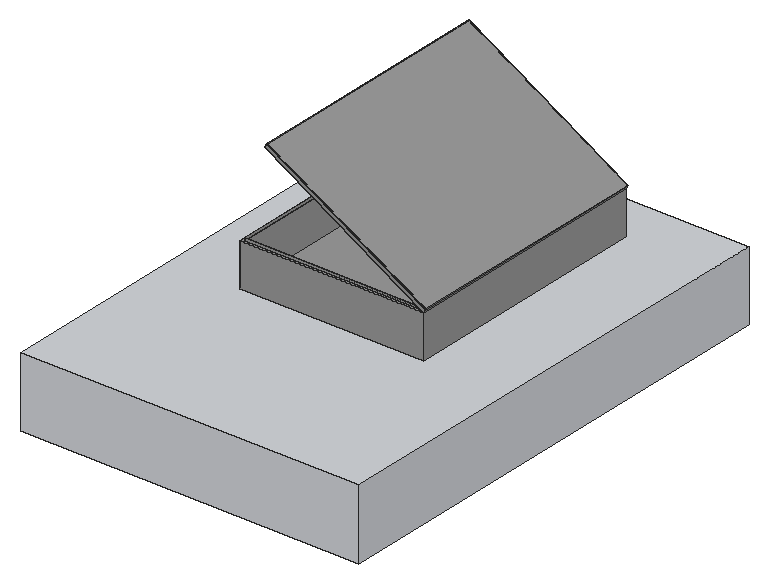
Revit family "Hager-Univers-IP44-D205-H1100-Cl.II-Encl-ES-es", category Equipement électrique, Revit 2020
Family settings
  Hôte = Face
  Configuration du panneau = Deux colonnes, circuits au sein
  Cote de connecteur circulaire = Utiliser le diamètre
  Type d'élément = Tableau de raccordement
  Couper avec des vides une fois chargée = Non
  Partagée = Non
  Point de calcul de pièce = Non
Parameters (values of type "Montado superficial (escayola) IP44 A800 A1100 P205  - FP73SN2")
  Width Control [instance] = if([EF000008 - Anchura] > Min Width, [EF000008 - Anchura], Min Width)  # 800 mm
  Commentaires du type = [HG000003 - Gama]  # "Univers"
  Thickness Door [instance] = if([EF009171 - Espesor puerta/tapa] > 3 mm, 3 mm, [EF009171 - Espesor puerta/tapa])  # 1 mm
  Seal Frame Offset [instance] = 17 mm  # constant formula
  Plinth Visibility [instance] = [HG000027 - Altura de zócalo] > 0 mm  # no
  Model = ""
  Min Width [instance] = 100 mm  # constant formula
  Min Height [instance] = 100 mm  # constant formula
  Min Depth [instance] = (2 * [EF009170 - Espesor del material de la caja]) + 1 mm  # 3 mm
  Internal Frame Depth [instance] = (Door System Depth * 0.5)  # 9 mm
  Height Control [instance] = if([EF000040 - Altura] > Min Height, [EF000040 - Altura], Min Height)  # 1100 mm
  HG000027 - Altura de zócalo = 0 mm
  HG000026 - Instalación en suelo = no
  HG000024 - Altura de la sección inferior = 800 mm
  HG000023 - Caja de doble sección = no
  HG000016 - Visibilidad de la puerta 3D [instance] = yes
  HG000015 - Visibilidad a través de la puerta [instance] = no
  HG000014 - Puerta a la derecha [instance] = yes
  HG000013 - Puerta a la izquierda [instance] = not([HG000014 - Puerta a la derecha])  # no
  HG000012 - Ángulo de giro de la puerta [instance] = 30.00°
  HG000010 - Puertas asimétricas = no
  HG000009 - Puerta batiente doble = no
  HG000006 - Empotrado = no
  HG000004 - Referencia del fabricante = "FP73SN2"
  HG000003 - Gama = "Univers"
  HG000002 - Con puerta o tapa = yes
  Frame Offset Bottom [instance] = 10 mm  # constant formula
  Frame Offset [instance] = 15 mm  # constant formula
  EF015940 - Tapa con alivio de sobrepresión = no
  EF011959 - Grado de protección (NEMA) = ""
  EF009554 - Número de aberturas para placas-brida = 6
  Fabricant = "Hager"  # constant formula
  EF009212 - Versión de la cubierta = "EV000116 - Cerrado"
  EF009171 - Espesor puerta/tapa = 1 mm
  EF009170 - Espesor del material de la caja = 1 mm
  EF008873 - Corriente nominal (In) = 250 A
  EF007800 - Adecuado para la protección contra rayos = no
  EF006306 - Con cierre = no
  EF006244 - Tapa/puerta transparente = no
  EF005474 - Grado de protección (IP) = "EV006418 - IP44"
  EF004464 - Tipo de puerta = "EV002646 - Único"
  EF004427 - Número de módulos = 252
  EF004293 - Resistencia al impacto (IK) = "EV006815 - IK09"
  EF003532 - Adecuado para uso en exteriores = no
  EF002950 - Anchura de unidades de división = 36
  EF001613 - Integridad del circuito = "EV000494 - Ninguno"
  EF001596 - Material de la carcasa = "EV000179 - Acero"
  EF001131 - Profundidad interna = 143 mm
  EF001088 - Posibilidad de extensión = yes
  EF000437 - Número de entradas de conductos de cables = 6
  EF000339 - Tipo de cubierta = "EV001012 - Cubrir"
  EF000266 - Número de filas = 7
  EF000218 - Profundidad de instalación = 205 mm
  EF000118 - Con placa de montaje = no
  EF000116 - Número RAL = "9010"
  EF000049 - Profundidad = 205 mm
  EF000040 - Altura = 1100 mm
  EF000008 - Anchura = 800 mm
  EF000007 - Color = "EV000202 - Blanco"
  EF000003 - Tipo de montaje = "EV000384 - Montado superficial (escayola)"
  Door System Leaf Tolerance [instance] = 1.5 mm  # constant formula
  Door System Depth [instance] = 18 mm  # constant formula
  Door Height [instance] = Height Control - [HG000027 - Altura de zócalo]  # 1100 mm
  Depth Control [instance] = if([EF000049 - Profundidad] > Min Depth, [EF000049 - Profundidad], Min Depth)  # 205 mm
  Default Elevation = 0 mm
  Connector Offset [instance] = Height Control / 2  # 550 mm
  Bottom Top Plate Trim [instance] = 1.5 mm  # constant formula
  Plinth height Ctrl [instance] = if([HG000027 - Altura de zócalo] > 0 mm, [HG000027 - Altura de zócalo], 12 mm)  # 12 mm
Types (5, lengths in mm): name | Width Control | HG000010 - Puertas asimétricas | HG000009 - Puerta batiente doble | HG000004 - Referencia del fabricante | EF009554 - Número de aberturas para placas-brida | EF004464 - Tipo de puerta | EF004427 - Número de módulos | EF002950 - Anchura de unidades de división | EF000437 - Número de entradas de conductos de cables | EF000008 - Anchura
  Montado superficial (escayola) IP44 A1050 A1100 P205  - FP74SN2 | 1050 | no | yes | "FP74SN2" | 8 | "EV003602 - Doble" | 336 | 48 | 8 | 1050
  Montado superficial (escayola) IP44 A1300 A1100 P205  - FP75SN2 | 1300 | yes | yes | "FP75SN2" | 10 | "EV003602 - Doble" | 420 | 60 | 10 | 1300
  Montado superficial (escayola) IP44 A300 A1100 P205  - FP71SN2 | 300 | no | no | "FP71SN2" | 2 | "EV002646 - Único" | 84 | 12 | 2 | 300
  Montado superficial (escayola) IP44 A550 A1100 P205  - FP72SN2 | 550 | no | no | "FP72SN2" | 4 | "EV002646 - Único" | 168 | 24 | 4 | 550
  Montado superficial (escayola) IP44 A800 A1100 P205  - FP73SN2 | 800 | no | no | "FP73SN2" | 6 | "EV002646 - Único" | 252 | 36 | 6 | 800
Reference planes
  plane 1 "Center (Front/Back)": y = 0
  plane 2: z = 0
  plane 3 "Center (Left/Right)": x = 0
  plane 4: z = 205
  plane 5: y = 1
  plane 6: y = 550
  plane 7: y = 0
  plane 8: y = 1100
  plane 9: z = 0
  plane 10: x = -385
  plane 11: x = 385
  plane 12: x = 384
  plane 13: x = -384
  plane 14: y = 1099
  plane 15: x = -383
  plane 16: x = -400
  plane 17: x = 383
  plane 18: x = 400
  plane 19: x = 399
  plane 20: x = -399
  plane 21: y = 11
  plane 22: y = 1100
  plane 23: y = 1084
  plane 24: z = 187
  plane 25: z = 1
  plane 26: z = 186
  plane 27: z = 204
Forms (mm)
  Extrusion 1, solid
    sketch origin (0, 0, 0) x (1, 0, 0) y (0, 1, 0)
      loop
        line (-702.964, 1305) -> (-702.964, -811.445) -> (766.763, -811.445) -> (766.763, 1305) -> (-702.964, 1305)
    from 0 to -304.8
  Extrusion 2, solid, material "Hager_Steel_RAL7035_Light_Grey", visible <- "Plinth Visibility", detail levels medium+fine
    sketch origin (0, 0, 0) x (1, 0, 0) y (0, 1, 0)
      loop
        line (-400, 0) -> (400, 0) -> (400, 12) -> (-400, 12) -> (-400, 0)
    from 0 to 187
  Extrusion 3, solid, material "Hager_Steel_RAL7035_Light_Grey", detail levels medium+fine
    sketch origin (0, 0, 0) x (1, 0, 0) y (0, 1, 0)
      loop
        line (-400, 0) -> (400, 0) -> (400, 1100) -> (-400, 1100) -> (-400, 0)
    from 0 to 187
  Extrusion 4, void
    sketch origin (0, 0, 0) x (1, 0, 0) y (0, 1, 0)
      loop
        line (-399, 1) -> (399, 1) -> (399, 1099) -> (-399, 1099) -> (-399, 1)
    from 1 to 186
  Extrusion 5, void
    sketch origin (-381.607, -4572, 187) x (0, -1, 0) y (-1, 0, 0)
      loop
        line (-4583, 2.393) -> (-5656, 2.393) -> (-5656, -765.607) -> (-4583, -765.607) -> (-4583, 2.393)
    from 0 to 1 <- "EF009170 - Espesor del material de la caja"
  Extrusion 6, solid, material "Hager_Steel_RAL7035_Light_Grey", detail levels fine
    sketch origin (0, 0, 187) x (1, 0, 0) y (0, 1, 0)
      loop
        line (-384, 1084) -> (-384, 11) -> (384, 11) -> (384, 1084) -> (-384, 1084)
      loop
        line (-385, 10) -> (385, 10) -> (385, 1085) -> (-385, 1085) -> (-385, 10)
    from 0 to 9 <- "Internal Frame Depth"
  Extrusion 7, solid, material "Hager_Steel_RAL7035_Light_Grey", detail levels coarse
    sketch origin (0, 0, 0) x (1, 0, 0) y (0, 1, 0)
      loop
        line (-400, 0) -> (400, 0) -> (400, 1100) -> (-400, 1100) -> (-400, 0)
    from 0 to 205
  Sweep 8, void
    path in 3D
      loop
        line (-400, 12, 0) -> (400, 12, 0) -> (400, 12, 187) -> (-400, 12, 187) -> (-400, 12, 0)
    profile origin (-400, 12, 93.5) x (-1, 0, 0) y (0, -1, 0)
      loop
        line (0, 0) -> (0, 1.5) -> (-1.5, 1.5)
        arc (-1.5, 1.5) -> (-1.061, 0.439) -> (0, 0) r 1.5
Cuts and joins
  Extrusion 4, Extrusion 5 cuts Extrusion 3
  Sweep 8 cuts Extrusion 2
Lines and regions (mm)
  Masking region 1
    outline origin (0, 0, 0) x (1, 0, 0) y (0, 0, 1)
      loop
        line (-400, 205) -> (-400, 0) -> (400, 0) -> (400, 205) -> (-400, 205)
  Masking region 2, detail levels medium+fine
    outline origin (0, 140, 0) x (0, 1, 0) y (0, 0, 1)
      loop
        line (-140, 0) -> (960, 0) -> (960, 187) -> (-140, 187) -> (-140, 0)
  Masking region 3, not visible, detail levels medium+fine
    outline origin (0, 297.922, 0) x (0, 1, 0) y (0, 0, 1)
      loop
        line (263.578, 0) -> (303.578, 0) -> (303.578, 194)
        arc (303.578, 194) -> (300.649, 201.071) -> (293.578, 204) r 10
        line (293.578, 204) -> (263.578, 204) -> (263.578, 0)
  Masking region 4, detail levels coarse
    outline origin (0, 0, 180) x (0, 1, 0) y (0, 0, 1)
      loop
        line (0, -180) -> (1100, -180) -> (1100, 25) -> (0, 25) -> (0, -180)
  Masking region 5, visible <- "Plinth Visibility", detail levels medium+fine
    outline origin (0, 52.24, 12.345) x (0, 0, -1) y (0, 1, 0)
      loop
        line (10.845, -40.24) -> (-173.155, -40.24)
        arc (-173.155, -40.24) -> (-173.594, -41.301) -> (-174.655, -41.74) r 1.5
        line (-174.655, -41.74) -> (-174.655, -52.24) -> (12.345, -52.24) -> (12.345, -41.74)
        arc (12.345, -41.74) -> (11.285, -41.301) -> (10.845, -40.24) r 1.5
  Masking region 6, detail levels medium+fine
    outline origin (-381.607, -4572, 187) x (-1, 0, 0) y (0, -1, 0)
      loop
        line (18.393, -5672) -> (18.393, -4572) -> (-781.607, -4572) -> (-781.607, -5672) -> (18.393, -5672)
  Masking region 7, visible <- "Plinth Visibility", detail levels medium+fine
    outline origin (-381.607, -4727, 187) x (-1, 0, 0) y (0, -1, 0)
      loop
        arc (16.893, -4739) -> (17.332, -4737.939) -> (18.393, -4737.5) r 1.5
        line (18.393, -4737.5) -> (18.393, -4727) -> (-781.607, -4727) -> (-781.607, -4737.5)
        arc (-781.607, -4737.5) -> (-780.546, -4737.939) -> (-780.107, -4739) r 1.5
        line (-780.107, -4739) -> (16.893, -4739)
  Masking region 8, detail levels coarse
    outline origin (-442.548, -4669.526, 187) x (-1, 0, 0) y (0, -1, 0)
      loop
        line (-42.548, -5769.526) -> (-42.548, -4669.526) -> (-842.548, -4669.526) -> (-842.548, -5769.526) -> (-42.548, -5769.526)
  sketch lines
    curve 1: line (-400, 12, 187) -> (-400, 12, 0)
    curve 2: line (400, 12, 187) -> (-400, 12, 187)
    curve 3: line (400, 12, 187) -> (400, 12, 0)
    curve 4: line (-400, 12, 0) -> (400, 12, 0)
Dimensions and locks
  "Depth Control": plane 4 to Extrusion 1
  "HG000027 - Altura de zócalo": plane 1 "Center (Front/Back)" to plane 7
  "EF009170 - Espesor del material de la caja": plane 5 to plane 7
  locked: connector elem to plane 3 "Center (Left/Right)"
  equal spacing: plane 8, plane 6, plane 7
  locked: connector elem to plane 6
  "EF009170 - Espesor del material de la caja": plane 8 to plane 14
  "EF009170 - Espesor del material de la caja": plane 10 to plane 13
  "EF009170 - Espesor del material de la caja": plane 12 to plane 11
  "Frame Offset": plane 20 to plane 13
  "Frame Offset": plane 12 to plane 19
  "EF009170 - Espesor del material de la caja": plane 16 to plane 20
  "EF009170 - Espesor del material de la caja": plane 19 to plane 18
  "Seal Frame Offset": plane 16 to plane 15
  "Seal Frame Offset": plane 17 to plane 18
  "Frame Offset Bottom": plane 21 to plane 5
  "Frame Offset": plane 14 to plane 23
  equal spacing: plane 16, plane 3 "Center (Left/Right)", plane 18
  "Width Control": plane 16 to plane 18
  "EF009170 - Espesor del material de la caja": plane 4 to plane 27
  "EF009170 - Espesor del material de la caja": plane 24 to plane 26
  "EF009170 - Espesor del material de la caja": plane 25 to level
  "Door System Depth": plane 4 to plane 24
  "Height Control": plane 1 "Center (Front/Back)" to Extrusion 7 sketch curve
  "Height Control": Masking region 4 sketch curve to plane 1 "Center (Front/Back)"
  "Height Control": plane 1 "Center (Front/Back)" to plane 22
  "Bottom Top Plate Trim": profile plane to Sweep 8 sketch curve
  "Bottom Top Plate Trim": Sweep 8 sketch curve to profile plane
  "Plinth height Ctrl": plane 1 "Center (Front/Back)" to Extrusion 2 sketch curve
  "Plinth height Ctrl": Masking region 5 sketch curve to plane 1 "Center (Front/Back)"
  "Plinth height Ctrl": plane 1 "Center (Front/Back)" to Masking region 7 sketch curve
  "Thickness Door": Extrusion 6 sketch curve to Extrusion 6 sketch curve  (x3)
  "Thickness Door": cut or joined group of Extrusion 3, Extrusion 4, Extrusion 5 to Extrusion 6 sketch curve
  radius of Masking region 3 sketch curve = 10 mm
  "Bottom Top Plate Trim": radius of Masking region 5 sketch curve  (x2)
  "Bottom Top Plate Trim": radius of Sweep 8 sketch curve
  "Bottom Top Plate Trim": radius of Masking region 7 sketch curve  (x2)
  aligned and locked: plane 2 to Extrusion 1
  aligned and locked: level to Extrusion 1
  aligned and locked: level to Masking region 1 sketch curve
  aligned and locked: Masking region 1 sketch curve to plane 18
  aligned and locked: Masking region 1 sketch curve to plane 16
  aligned and locked: plane 7 to Masking region 2 sketch curve
  aligned and locked: level to Masking region 3 sketch curve
  aligned and locked: Masking region 3 sketch curve to plane 27
  aligned and locked: level to Masking region 2 sketch curve
  aligned and locked: plane 1 "Center (Front/Back)" to Extrusion 2 sketch curve
  aligned and locked: Extrusion 3 sketch curve to plane 7
  aligned and locked: plane 16 to Extrusion 3 sketch curve
  aligned and locked: plane 18 to Extrusion 3 sketch curve
  aligned and locked: plane 20 to Extrusion 4 sketch curve
  aligned and locked: plane 19 to Extrusion 4 sketch curve
  aligned and locked: Extrusion 4 sketch curve to plane 5
  aligned and locked: Extrusion 4 to plane 25
  aligned and locked: plane 26 to Extrusion 4
  aligned and locked: plane 24 to Extrusion 3
  aligned and locked: Extrusion 5 sketch curve to plane 21
  aligned and locked: Extrusion 5 sketch curve to plane 13
  aligned and locked: Extrusion 5 sketch curve to plane 12
  aligned and locked: plane 18 to Extrusion 7 sketch curve
  aligned and locked: plane 1 "Center (Front/Back)" to Extrusion 7 sketch curve
  aligned and locked: plane 16 to Extrusion 7 sketch curve
  aligned and locked: plane 4 to Extrusion 7
  aligned and locked: Extrusion 7 to level
  aligned and locked: level to Masking region 4 sketch curve
  aligned and locked: Masking region 4 sketch curve to plane 1 "Center (Front/Back)"
  aligned and locked: Masking region 4 sketch curve to plane 4
  aligned and locked: nested 1 to level
  aligned and locked: nested 1 to plane 16
  aligned and locked: plane 8 to Extrusion 3 sketch curve
  aligned and locked: plane 23 to Extrusion 5 sketch curve
  aligned and locked: plane 14 to Extrusion 4 sketch curve
  aligned and locked: Masking region 2 sketch curve to plane 8
  aligned and locked: level to Masking region 5 sketch curve
  aligned and locked: plane 16 to Extrusion 2 sketch curve
  aligned and locked: plane 18 to Extrusion 2 sketch curve
  aligned and locked: Masking region 5 sketch curve to plane 24
  aligned and locked: Masking region 2 sketch curve to plane 24
  aligned and locked: plane 24 to Extrusion 2
  aligned and locked: profile plane to Sweep 8 sketch curve  (x2)
  aligned and locked: Masking region 6 sketch curve to plane 18
  aligned and locked: Masking region 6 sketch curve to plane 22
  aligned and locked: Masking region 6 sketch curve to plane 16
  aligned and locked: plane 8 to plane 22
  aligned and locked: Masking region 6 sketch curve to plane 7
  aligned and locked: Masking region 7 sketch curve to plane 16
  aligned and locked: Masking region 7 sketch curve to plane 1 "Center (Front/Back)"
  aligned and locked: Masking region 7 sketch curve to plane 18
  aligned and locked: Masking region 8 sketch curve to plane 1 "Center (Front/Back)"
  aligned and locked: Masking region 8 sketch curve to plane 18
  aligned and locked: Masking region 8 sketch curve to plane 22
  aligned and locked: Masking region 8 sketch curve to plane 16
  aligned and locked: nested 2 to plane 7
  aligned and locked: plane 3 "Center (Left/Right)" to nested 2
  aligned and locked: nested 2 to plane 24
  aligned and locked: Extrusion 6 sketch curve to cut or joined group of Extrusion 3, Extrusion 4, Extrusion 5  (x4)
Automatic sketch dimensions
  Extrusion 1 sketch curve to Extrusion 1 sketch curve = 1469.727 mm
  Extrusion 1 sketch curve to Extrusion 1 sketch curve = 2116.445 mm
  Masking region 1 sketch curve to plane 4 = 0 mm
  plane 6 to Masking region 3 sketch curve = 11.5 mm
  Masking region 3 sketch curve to Masking region 3 sketch curve = 30 mm
  Masking region 5 sketch curve to plane 1 "Center (Front/Back)" = 0 mm
Nested families
  nested 1: "Hager_Enclosure_Symbol" at (-400, 0, 0) x (1, 0, 0) z (0, -1, 0), Height <- "Depth Control", Width <- "Width Control", type "Hager_Enclosure_Symbol"
    with Width_Ctrl 800 mm, Width 800 mm, Height_Ctrl 205 mm, Height 205 mm, A_Width_Int 13.453 mm, A_Width 161.438 mm, A_Height_Ctrl 179.375 mm, A_Height 179.375 mm
  nested 2: "EC000058_Univers_Door" at (0, 0, 187) x (1, 0, 0) z (0, 1, 0), Leaf_Tolerance <- "Door System Leaf Tolerance", Angle <- "HG000012 - Ángulo de giro de la puerta", Door_Depth <- "Door System Depth", Door_Left <- "HG000013 - Puerta a la izquierda", Transparent <- "EF006244 - Tapa/puerta transparente", Assymetrical <- "HG000010 - Puertas asimétricas", Width <- "Width Control", Clearance <- "HG000015 - Visibilidad a través de la puerta", Double <- "HG000009 - Puerta batiente doble", 3d_Door <- "HG000016 - Visibilidad de la puerta 3D", Lock_Visibility <- "EF006306 - Con cierre", Width_Ctrl <- "Width Control", Door_Right <- "HG000014 - Puerta a la derecha", Door <- "HG000002 - Con puerta o tapa", Height <- "Door Height", Thickness <- "Thickness Door", type "EC000058_Univers_Door", detail levels medium+fine
    with min_wh 3 mm, Width_Ctrl 800 mm, Width 800 mm, Transparent no, Thickness 1 mm, Seal_Material Hager_Rubber, Lock_Visibility no, Lock_Material Hager_Plastic_RAL9005_Jet_Black, Leaf_Width 800 mm, Leaf_Tolerance_External_Sides 0 mm, Leaf_Tolerance 1.5 mm, Leaf_Offset 0 mm, Leaf_Height 1097 mm, Leaf_2_Width 800 mm, Leaf_2_Offset 400 mm, Leaf_1_Width 800 mm, Leaf_1_Offset 400 mm, Height_Ctrl 1100 mm, Height 1100 mm, Glass_Material Hager_Glass, Double_Clearance_Ctrl no, Double no, Door_Right_Ctrl yes, Door_Right yes, Door_Material Hager_Steel_RAL7035_Light_Grey, Door_Left_Ctrl no, Door_Left no, Door_Depth 18 mm, Door yes, Clearance_Material Hager_Clearance, Clearance_Depth 800 mm, Clearance_Ctrl no, Clearance no, Assymetrical no, Angle 30.00°, 3d_Door yes
Connectors
  electrical at (0, 550, 0)
    settings: on plane 9, index 1, voltage 0 V, apparent load 0 VA, apparent load phase1 0 VA, apparent load phase2 0 VA, apparent load phase3 0 VA, power factor 1, load classification "Other", number of poles 1, system type 30, power factor state 1, is connector primary yes, connector utility no, sub classification motor no, connector description ""
Definition of nested family "EC000058_Univers_Door"
  Parameters (values of type "EC000058_Univers_Door")
    min_wh [instance] = (2 * Thickness) + 1 mm  # 11 mm
    Width_Ctrl [instance] = 400 mm
    Width [instance] = 500 mm
    Transparent [instance] = yes
    Thickness [instance] = 5 mm
    Seal_Material [instance] = none
    Lock_Visibility [instance] = yes
    Lock_Material [instance] = none
    Leaf_Width [instance] = if((Width_Ctrl - 2 * Leaf_Tolerance_External_Sides) > 0 mm, (Width_Ctrl - 2 * Leaf_Tolerance_External_Sides), min_wh)  # 400 mm
    Leaf_Tolerance_External_Sides [instance] = 0 mm  # constant formula
    Leaf_Tolerance [instance] = 1.5 mm
    Leaf_Offset [instance] = 0 mm  # constant formula
    Leaf_Height [instance] = if((Height_Ctrl - 2 * Leaf_Tolerance) > 0 mm, (Height_Ctrl - 2 * Leaf_Tolerance), min_wh)  # 497 mm
    Leaf_2_Width [instance] = if(and(and(Double, Assymetrical), Door_Left), (Leaf_Width / 3) - (Leaf_Tolerance / 2), if(and(and(Double, Assymetrical), Door_Right), (Leaf_Width / 3) * 2 - (Leaf_Tolerance / 2), if(and(Double, not(Assymetrical)), (Leaf_Width / 2) - Leaf_Tolerance, Leaf_Width)))  # 400 mm
    Leaf_2_Offset [instance] = if(and(Double, Assymetrical), Leaf_2_Width / 2, if(and(Double, not(Assymetrical)), Leaf_Width / 4, Leaf_Width / 2))  # 200 mm
    Leaf_1_Width [instance] = if(and(and(Double, Assymetrical), Door_Right), (Leaf_Width / 3) - (Leaf_Tolerance / 2), if(and(and(Double, Assymetrical), Door_Left), (Width / 3) * 2 - (Leaf_Tolerance / 2), if(and(Double, not(Assymetrical)), (Leaf_Width / 2) - Leaf_Tolerance, Leaf_Width)))  # 400 mm
    Leaf_1_Offset [instance] = if(and(Double, Assymetrical), Leaf_1_Width / 2, if(and(Double, not(Assymetrical)), Leaf_Width / 4, Leaf_Width / 2))  # 200 mm
    Height_Ctrl [instance] = if(Height > min_wh, Height, min_wh)  # 500 mm
    Height [instance] = 500 mm
    Glass_Material [instance] = none
    Double_Clearance_Ctrl [instance] = and(Double, Clearance)  # no
    Double [instance] = no
    Door_Right_Ctrl [instance] = and(or(Door_Right, Double), Door)  # yes
    Door_Right [instance] = yes
    Door_Material [instance] = none
    Door_Left_Ctrl [instance] = and(or(Door_Left, Double), Door)  # no
    Door_Left [instance] = no
    Door_Depth [instance] = 30 mm
    Door [instance] = yes
    Default Elevation = 1219.2 mm
    Clearance_Material [instance] = none
    Clearance_Depth [instance] = if(Leaf_1_Width > Leaf_2_Width, Leaf_1_Width, Leaf_2_Width)  # 400 mm
    Clearance_Ctrl [instance] = and(not(Double), Clearance)  # yes
    Clearance [instance] = yes
    Assymetrical [instance] = yes
    Angle [instance] = 30.00°
    3d_Door [instance] = yes
  Reference planes
    plane 1 "Center (Front/Back)": y = 0
    plane 2 "Bottom": z = 0
    plane 3 "Center (Left/Right)": x = 0
    plane 4: z = 500
    plane 5: x = -200
    plane 6: x = 200
    plane 7: z = 500
    plane 8: x = -200
    plane 9: z = 0
    plane 10: x = 200
    plane 11: y = 0
    plane 12: z = 1.5
    plane 13: x = -600
    plane 14: y = -400
    plane 15: x = 600
    plane 16: x = 0
    plane 17: x = 0
    plane 18: x = -200
    plane 19: x = 200
    plane 20: z = 498.5
  Forms (mm)
    Extrusion 1, solid, material <- "Clearance_Material", visible <- "Double_Clearance_Ctrl"
      sketch origin (1200, 0, 0) x (1, 0, 0) y (0, 0, -1)
        loop
          line (-1800, -498.5) -> (-600, -498.5) -> (-600, 0) -> (-1800, 0) -> (-1800, -498.5)
      from 0 to -400
  Dimensions and locks
    equal spacing: plane 5, plane 3 "Center (Left/Right)", plane 6
    "Width_Ctrl": plane 5 to plane 6
    "Leaf_Offset": plane 5 to plane 8
    "Leaf_Offset": plane 6 to plane 10
    "Leaf_Offset": plane 9 to level
    "Leaf_Offset": plane 4 to plane 7
    "Height_Ctrl": plane 4 to level
    "Leaf_Tolerance": plane 12 to plane 9
    locked: plane 11 to plane 1 "Center (Front/Back)"
    "Leaf_1_Offset": plane 18 to plane 16
    "Leaf_2_Offset": plane 17 to plane 19
    "Leaf_1_Width": plane 13 to plane 8
    "Leaf_2_Width": plane 10 to plane 15
    "Clearance_Depth": plane 14 to plane 1 "Center (Front/Back)"
    "Leaf_Tolerance_External_Sides": plane 8 to plane 18
    "Leaf_Tolerance_External_Sides": plane 19 to plane 10
    "Leaf_Tolerance": plane 7 to plane 20
    aligned and locked: level to plane 2 "Bottom"
    aligned and locked: nested 1 to plane 16
    aligned and locked: nested 2 to plane 17
    aligned and locked: Extrusion 1 to plane 13
    aligned and locked: plane 15 to Extrusion 1
    aligned and locked: Extrusion 1 to plane 14
    aligned and locked: plane 12 to nested 1
    aligned and locked: nested 2 to plane 12
    aligned and locked: Extrusion 1 to plane 11
    aligned and locked: plane 20 to Extrusion 1
    aligned and locked: nested 2 to plane 11
    aligned and locked: nested 1 to plane 11
  Automatic sketch dimensions
    Extrusion 1 sketch curve to level = 0 mm
    plane 5 to Extrusion 1 sketch curve = 400 mm
    plane 6 to Extrusion 1 sketch curve = 400 mm
    Extrusion 1 sketch curve to plane 4 = 1.5 mm
  Nested families
    nested 1: "EC000058_Univers_Door_Leaf" at (0, 0, 1.5), Width <- "Leaf_1_Width", visible <- "Door_Left_Ctrl", Leaf_Height <- "Leaf_Height", Angle <- "Angle", 3d_Door <- "3d_Door", Transparent <- "Transparent", Clearance Material <- "Clearance_Material", Clearance <- "Clearance_Ctrl", Door_Material <- "Door_Material", Glass_Material <- "Glass_Material", Door_Depth <- "Door_Depth", Lock_Material <- "Lock_Material", Seal_Material <- "Seal_Material", Lock_Visibility <- "Lock_Visibility", Thickness <- "Thickness", type "EC000058_Univers_Door_Leaf"
      with Width 400 mm, Transparent_Glass_Offset 30 mm, Transparent_Ctrl yes, Transparent yes, Thickness 5 mm, Standard no, Seal_Material none, Seal_D2 8 mm, Seal_D1 1 mm, Offset_Internal_Frame 10 mm, Lock_Width 20 mm, Lock_Visibility_3d yes, Lock_Visibility yes, Lock_Thickness_3 3 mm, Lock_Thickness_2 1 mm, Lock_Thickness_1 3 mm, Lock_Radius_Offset_2 16 mm, Lock_Radius_Offset_1 15 mm, Lock_Radius_2 5 mm, Lock_Radius 6 mm, Lock_Offset 5 mm, Lock_Material none, Lock_Height 80 mm, Lock_Cover_Top_Offset_2d 17 mm, Lock_Cover_Height -65 mm, Leaf_Height 497 mm, Internal_Seal_Thickness 8 mm, Internal_Seal_Depth_2 4.5 mm, Internal_Frame_Depth 25 mm, Glass_Thickness -1 mm, Glass_Offset -2 mm, Glass_Material none, Door_Material none, Door_Depth 30 mm, Clearance Material none, Clearance yes, Angle_Ctrl 30.00°, Angle 30.00°, 3d_Door yes
    nested 2: "EC000058_Univers_Door_Leaf" at (0, 0, 1.5) x (-1, 0, 0) z (0, 0, 1), Width <- "Leaf_2_Width", visible <- "Door_Right_Ctrl", Leaf_Height <- "Leaf_Height", Angle <- "Angle", 3d_Door <- "3d_Door", Transparent <- "Transparent", Clearance Material <- "Clearance_Material", Clearance <- "Clearance_Ctrl", Door_Material <- "Door_Material", Glass_Material <- "Glass_Material", Door_Depth <- "Door_Depth", Lock_Material <- "Lock_Material", Seal_Material <- "Seal_Material", Lock_Visibility <- "Lock_Visibility", Thickness <- "Thickness", type "EC000058_Univers_Door_Leaf"
      with Width 400 mm, Transparent_Glass_Offset 30 mm, Transparent_Ctrl yes, Transparent yes, Thickness 5 mm, Standard no, Seal_Material none, Seal_D2 8 mm, Seal_D1 1 mm, Offset_Internal_Frame 10 mm, Lock_Width 20 mm, Lock_Visibility_3d yes, Lock_Visibility yes, Lock_Thickness_3 3 mm, Lock_Thickness_2 1 mm, Lock_Thickness_1 3 mm, Lock_Radius_Offset_2 16 mm, Lock_Radius_Offset_1 15 mm, Lock_Radius_2 5 mm, Lock_Radius 6 mm, Lock_Offset 5 mm, Lock_Material none, Lock_Height 80 mm, Lock_Cover_Top_Offset_2d 17 mm, Lock_Cover_Height -65 mm, Leaf_Height 497 mm, Internal_Seal_Thickness 8 mm, Internal_Seal_Depth_2 4.5 mm, Internal_Frame_Depth 25 mm, Glass_Thickness -1 mm, Glass_Offset -2 mm, Glass_Material none, Door_Material none, Door_Depth 30 mm, Clearance Material none, Clearance yes, Angle_Ctrl 30.00°, Angle 30.00°, 3d_Door yes
  Definition of nested family "EC000058_Univers_Door_Leaf"
    Parameters (values of type "EC000058_Univers_Door_Leaf")
      Width [instance] = 2000 mm
      Transparent_Glass_Offset [instance] = 30 mm
      Transparent_Ctrl [instance] = and(Transparent, [3d_Door])  # yes
      Transparent [instance] = yes
      Thickness [instance] = 5 mm
      Standard [instance] = and(not(Transparent), [3d_Door])  # no
      Seal_Material [instance] = none
      Seal_D2 [instance] = 8 mm  # constant formula
      Seal_D1 [instance] = 1 mm  # constant formula
      Offset_Internal_Frame [instance] = 10 mm  # constant formula
      Lock_Width [instance] = 20 mm  # constant formula
      Lock_Visibility_3d [instance] = and(Lock_Visibility, [3d_Door])  # yes
      Lock_Visibility [instance] = yes
      Lock_Thickness_3 [instance] = 3 mm  # constant formula
      Lock_Thickness_2 [instance] = 1 mm  # constant formula
      Lock_Thickness_1 [instance] = 3 mm  # constant formula
      Lock_Radius_Offset_2 [instance] = Lock_Radius_Offset_1 + 1 mm  # 16 mm
      Lock_Radius_Offset_1 [instance] = 15 mm  # constant formula
      Lock_Radius_2 [instance] = Lock_Radius - 1 mm  # 5 mm
      Lock_Radius [instance] = 6 mm  # constant formula
      Lock_Offset [instance] = 5 mm  # constant formula
      Lock_Material [instance] = none
      Lock_Height [instance] = 80 mm  # constant formula
      Lock_Cover_Top_Offset_2d [instance] = Lock_Radius_Offset_2 + 1 mm  # 17 mm
      Lock_Cover_Height [instance] = -(Lock_Height - Lock_Radius_Offset_1)  # -65 mm
      Leaf_Height [instance] = 2720.336 mm
      Internal_Seal_Thickness [instance] = 8 mm  # constant formula
      Internal_Seal_Depth_2 [instance] = 4.5 mm  # constant formula
      Internal_Frame_Depth [instance] = if(Door_Depth - Thickness > 5 mm, Door_Depth - Thickness, 5 mm)  # 25 mm
      Glass_Thickness [instance] = if(Thickness > 15 mm, Glass_Offset + 10 mm, -1 mm)  # -1 mm
      Glass_Offset [instance] = if(Thickness > 15 mm, -(Thickness + 10 mm) / 2, -2 mm)  # -2 mm
      Glass_Material [instance] = none
      Door_Material [instance] = none
      Door_Depth [instance] = 30 mm
      Default Elevation = 0 mm
      Clearance Material [instance] = none
      Clearance [instance] = yes
      Angle_Ctrl [instance] = if(Angle > 180.00°, 180.00°, Angle)  # 90.00°
      Angle [instance] = 90.00°
      3d_Door [instance] = yes
    Reference planes
      plane 1 "Center (Front/Back)": y = 0
      plane 2: z = 0
      plane 3 "Center (Left/Right)": x = 0
      plane 4: y = 2000
      plane 5: x = -1000
      plane 6: x = 1000
      plane 7: x = -3000
      plane 8: z = 2720.336
      plane 9: z = 30
      plane 10: z = 2690.336
      plane 11: x = 970
      plane 12: x = -970
      plane 13: y = -3
      plane 14: z = 107.833
      plane 15: y = -5
      plane 16: y = -223.314
      plane 17: x = -1000
      plane 18: z = 1360.168
      plane 19: y = 30
    Forms (mm)
      Extrusion 1, solid, material <- "Clearance Material", visible <- "Clearance"
        sketch origin (0, 0, 0) x (1, 0, 0) y (0, 0, 1)
          loop
            line (-3000, 2720.336) -> (-3000, 0) -> (1000, 0) -> (1000, 2720.336) -> (-3000, 2720.336)
        from 0 to -2000
      Extrusion 2, solid, material <- "Door_Material", visible <- "Standard", detail levels medium+fine
        sketch origin (-1000, 0, 0) x (0, 1, 0) y (-1, 0, 0)
          loop
            line (0, 30) -> (0, 25) -> (2000, 25) -> (2000, 30) -> (0, 30)
        from 0 to 2720.336 <- "Leaf_Height"
      Extrusion 3, solid, material <- "Door_Material", visible <- "Transparent_Ctrl", detail levels medium+fine
        sketch origin (-1000, 0, 0) x (0, 1, 0) y (-1, 0, 0)
          loop
            line (0, 25) -> (2000, 25) -> (2000, 30) -> (0, 30) -> (0, 25)
        from 0 to 2720.336 <- "Leaf_Height"
      Extrusion 4, void
        sketch origin (-1025, 2000, 0) x (0, 1, 0) y (0, 0, -1)
          loop
            line (-30, -2690.336) -> (-30, -30) -> (-1970, -30) -> (-1970, -2690.336) -> (-30, -2690.336)
        from 0 to 5 <- "Thickness"
      Sweep 5, solid, material <- "Seal_Material", visible <- "Transparent_Ctrl", detail levels fine
        path in 3D
          loop
            line (-1025, 30, 30) -> (-1025, 30, 2690.336) -> (-1025, 1970, 2690.336) -> (-1025, 1970, 30) -> (-1025, 30, 30)
        profile origin (-1025, 1000, 30) x (1, 0, 0) y (0, 0, 1)
          loop
            line (0, 0) -> (0, -8) -> (1, -8) -> (1, 0) -> (0, 0)
      Extrusion 6, solid, material <- "Glass_Material", visible <- "Transparent_Ctrl", detail levels medium+fine
        sketch origin (-1030, 0, 0) x (0, 1, 0) y (0, 0, -1)
          loop
            line (1970, -2690.336) -> (1970, -30) -> (30, -30) -> (30, -2690.336) -> (1970, -2690.336)
        from -2 <- "Glass_Offset" to -1 <- "Glass_Thickness"
      Extrusion 7, solid, material <- "Door_Material", visible <- "3d_Door", detail levels medium+fine
        sketch origin (-1025, 2000, 0) x (0, -1, 0) y (0, 0, -1)
          loop
            line (0, -2720.336) -> (2000, -2720.336) -> (2000, 0) -> (0, 0) -> (0, -2720.336)
          loop
            line (1995, -5) -> (5, -5) -> (5, -2715.336) -> (1995, -2715.336) -> (1995, -5)
        from 0 to 25 <- "Internal_Frame_Depth"
      Sweep 8, solid, material <- "Seal_Material", visible <- "Transparent_Ctrl", detail levels fine
        path in 3D
          loop
            line (-1025, 0, 0) -> (-1025, 2000, 0) -> (-1025, 2000, 2720.336) -> (-1025, 0, 2720.336) -> (-1025, 0, 0)
        profile origin (-1025, 0, 1360.168) x (1, 0, 0) y (0, 1, 0)
          loop
            line (0, 10) -> (2.975, 10)
            arc (2.975, 10) -> (4.053, 10.447) -> (4.5, 11.525) r 1.525
            line (4.5, 11.525) -> (4.5, 16.527)
            arc (4.5, 16.527) -> (4.069, 17.569) -> (3.027, 18) r 1.473
            line (3.027, 18) -> (0, 18) -> (0, 10)
      Extrusion 9, solid, material <- "Lock_Material", visible <- "Lock_Visibility_3d", detail levels fine
        sketch origin (-1030, 0, 0) x (0, 1, 0) y (0, 0, -1)
          loop
            arc (1993.5, -1400.168) -> (1994.561, -1399.729) -> (1995, -1398.668) r 1.5
            line (1995, -1398.668) -> (1995, -1320.168) -> (1975, -1320.168) -> (1975, -1398.668)
            arc (1975, -1398.668) -> (1975.439, -1399.729) -> (1976.5, -1400.168) r 1.5
            line (1976.5, -1400.168) -> (1993.5, -1400.168)
        from 3 <- "Lock_Thickness_1" to 0
      Blend 10, solid, material <- "Lock_Material", visible <- "Lock_Visibility_3d", detail levels fine
        base sketch origin (-1033, 0, 0) x (0, 1, 0) y (0, 0, -1)
          loop
            line (1975, -1320.168) -> (1975, -1398.668)
            arc (1975, -1398.668) -> (1975.439, -1399.729) -> (1976.5, -1400.168) r 1.5
            line (1976.5, -1400.168) -> (1993.5, -1400.168)
            arc (1993.5, -1400.168) -> (1994.561, -1399.729) -> (1995, -1398.668) r 1.5
            line (1995, -1398.668) -> (1995, -1320.168) -> (1975, -1320.168)
        top sketch origin (-1033, 0, 0) x (0, 1, 0) y (0, 0, -1)
          loop
            line (1976, -1320.168) -> (1976, -1398.668)
            arc (1976, -1398.668) -> (1976.146, -1399.022) -> (1976.5, -1399.168) r 0.5
            line (1976.5, -1399.168) -> (1993.5, -1399.168)
            arc (1993.5, -1399.168) -> (1993.854, -1399.022) -> (1994, -1398.668) r 0.5
            line (1994, -1398.668) -> (1994, -1320.168) -> (1976, -1320.168)
        from 0 to 1 <- "Lock_Thickness_2"
      Blend 11, solid, material <- "Lock_Material", visible <- "Lock_Visibility_3d", detail levels fine
        base sketch origin (-1034, 0, 0) x (0, 1, 0) y (0, 0, -1)
          loop
            line (1978, -1320.168) -> (1978, -1384.168)
            arc (1978, -1384.168) -> (1985, -1391.168) -> (1992, -1384.168) r 7
            line (1992, -1384.168) -> (1992, -1320.168) -> (1978, -1320.168)
        top sketch origin (-1034, 0, 0) x (0, 1, 0) y (0, 0, -1)
          loop
            line (1991, -1320.168) -> (1979, -1320.168) -> (1979, -1383.168)
            arc (1979, -1383.168) -> (1985, -1389.168) -> (1991, -1383.168) r 6
            line (1991, -1383.168) -> (1991, -1320.168)
        from 0 to 3 <- "Lock_Thickness_3"
      Extrusion 12, solid, material <- "Lock_Material", visible <- "Lock_Visibility_3d", detail levels fine
        sketch origin (-1030, 1975, 1320.168) x (1, 0, 0) y (0, -1, 0)
          loop
            line (-7, -19) -> (-7, -1) -> (0, -1) -> (0, 0) -> (-8, 0) -> (-8, -20) -> (0, -20) -> (0, -19) -> (-7, -19)
        from 0 to -65 <- "Lock_Cover_Height"
      Extrusion 13, void
        sketch origin (-1038, 1995, 1320.168) x (-1, 0, 0) y (0, 0, -1)
          loop
            line (-5, -65) -> (0, -65) -> (-5, -60) -> (-5, -65)
        from 0 to 20 <- "Lock_Width"
      Extrusion 14, void
        sketch origin (-1038, 1975, 1320.168) x (0, -1, 0) y (0, 0, -1)
          loop
            circle (-10, -15.995) r 6
          loop
            circle (-10, -15.995) r 5
        from 0 to 2
      Extrusion 15, solid, material <- "Lock_Material", visible <- "Lock_Visibility_3d", detail levels medium
        sketch origin (-1030, 0, 0) x (0, 1, 0) y (0, 0, -1)
          loop
            arc (1993.5, -1400.168) -> (1994.561, -1399.729) -> (1995, -1398.668) r 1.5
            line (1995, -1398.668) -> (1995, -1320.168) -> (1975, -1320.168) -> (1975, -1398.668)
            arc (1975, -1398.668) -> (1975.439, -1399.729) -> (1976.5, -1400.168) r 1.5
            line (1976.5, -1400.168) -> (1993.5, -1400.168)
        from 8 to 0
    Cuts and joins
      Extrusion 4 cuts Extrusion 3
      Extrusion 13, Extrusion 14 cuts Extrusion 9
      Extrusion 14 cuts Blend 11
      Extrusion 13, Extrusion 14 cuts Extrusion 12
      joined: Extrusion 9, Blend 10, Blend 11, Extrusion 12
      Extrusion 14 cuts Extrusion 15
    Lines and regions (mm)
      Masking region 1, visible <- "Lock_Visibility", detail levels fine
        outline origin (0, 0, 0) x (0, 1, 0) y (0, 0, 1)
          loop
            line (30, 1320.168) -> (33, 1320.168) -> (33, 1400.168) -> (30, 1400.168) -> (30, 1320.168)
      Masking region 2, visible <- "Lock_Visibility", detail levels fine
        outline origin (0, 3.143, 0) x (0, 1, 0) y (0, 0, 1)
          loop
            line (29.857, 1354.168) -> (30.857, 1354.168) -> (30.857, 1366.168) -> (29.857, 1366.168) -> (29.857, 1354.168)
      Masking region 3, detail levels medium+fine
        outline origin (0, 0, 0) x (0, 1, 0) y (0, 0, 1)
          loop
            line (0, 0) -> (30, 0) -> (30, 2720.336) -> (0, 2720.336) -> (0, 0)
      Masking region 4, detail levels medium+fine
        outline origin (0, 0, 0) x (1, 0, 0) y (0, 0, 1)
          loop
            line (-1000, 2720.336) -> (-1000, 0) -> (1000, 0) -> (1000, 2720.336) -> (-1000, 2720.336)
      Masking region 5, visible <- "Lock_Visibility", detail levels fine
        outline origin (-47.116, 0, 0) x (1, 0, 0) y (0, 0, 1)
          loop
            arc (1024.616, 1399.168) -> (1023.556, 1398.729) -> (1023.116, 1397.668) r 1.5
            line (1023.116, 1397.668) -> (1023.116, 1320.168) -> (1041.116, 1320.168) -> (1041.116, 1397.668)
            arc (1041.116, 1397.668) -> (1040.677, 1398.729) -> (1039.616, 1399.168) r 1.5
            line (1039.616, 1399.168) -> (1024.616, 1399.168)
      Masking region 6, visible <- "Lock_Visibility", detail levels medium+fine
        outline origin (-25, 0, 0) x (1, 0, 0) y (0, 0, 1)
          loop
            arc (1001.5, 1400.168) -> (1000.439, 1399.729) -> (1000, 1398.668) r 1.5
            line (1000, 1398.668) -> (1000, 1320.168) -> (1020, 1320.168) -> (1020, 1398.668)
            arc (1020, 1398.668) -> (1019.561, 1399.729) -> (1018.5, 1400.168) r 1.5
            line (1018.5, 1400.168) -> (1001.5, 1400.168)
      Masking region 7, visible <- "Lock_Visibility", detail levels fine
        outline origin (-73.735, 0, 0) x (1, 0, 0) y (0, 0, 1)
          loop
            line (1051.735, 1382.168) -> (1065.735, 1382.168) -> (1065.735, 1384.168)
            arc (1065.735, 1384.168) -> (1058.735, 1391.168) -> (1051.735, 1384.168) r 7
            line (1051.735, 1384.168) -> (1051.735, 1382.168)
      Masking region 8, visible <- "Lock_Visibility", detail levels fine
        outline origin (-73.735, 0, 0) x (1, 0, 0) y (0, 0, 1)
          loop
            line (1052.735, 1382.168) -> (1064.735, 1382.168) -> (1064.735, 1383.168)
            arc (1064.735, 1383.168) -> (1058.735, 1389.168) -> (1052.735, 1383.168) r 6
            line (1052.735, 1383.168) -> (1052.735, 1382.168)
      Masking region 9, visible <- "Lock_Visibility", detail levels fine
        outline origin (-25, 0, 0) x (1, 0, 0) y (0, 0, 1)
          loop
            line (1020, 1320.168) -> (1020, 1382.168) -> (1000, 1382.168) -> (1000, 1320.168) -> (1020, 1320.168)
      Masking region 10, detail levels medium+fine
        outline origin (0, 0, 0) x (1, 0, 0) y (0, 0, 1)
          loop
            circle (985, 1335.144) r 6
      Masking region 11, detail levels fine
        outline origin (0, 0, 0) x (1, 0, 0) y (0, 0, 1)
          loop
            circle (985, 1335.144) r 5
      Masking region 12, visible <- "Lock_Visibility", detail levels fine
        outline origin (0, 12.767, 0) x (0, 1, 0) y (0, 0, 1)
          loop
            line (20.233, 1320.168) -> (21.233, 1320.168) -> (21.233, 1399.168) -> (20.233, 1400.168) -> (20.233, 1320.168)
      Masking region 13, visible <- "Lock_Visibility", detail levels fine
        outline origin (0, 13.767, -10) x (0, 1, 0) y (0, 0, 1)
          loop
            line (20.233, 1330.168) -> (23.233, 1330.168) -> (23.233, 1399.168) -> (20.233, 1402.168) -> (20.233, 1330.168)
      Masking region 14, visible <- "Lock_Visibility", detail levels fine
        outline origin (0, 12.767, -10) x (0, 1, 0) y (0, 0, 1)
          loop
            line (20.233, 1330.168) -> (25.233, 1330.168) -> (25.233, 1399.305) -> (20.233, 1394.305) -> (20.233, 1330.168)
      Masking region 15, visible <- "Lock_Visibility", detail levels medium
        outline origin (0, 0, 0) x (0, 1, 0) y (0, 0, 1)
          loop
            line (30, 1320.168) -> (38, 1320.168) -> (38, 1400.168) -> (30, 1400.168) -> (30, 1320.168)
      Masking region 16, visible <- "Lock_Visibility", detail levels fine
        outline origin (-1000, 0, 0) x (0, 1, 0) y (-1, 0, 0)
          loop
            line (1975, 30) -> (1995, 30) -> (1995, 38) -> (1975, 38) -> (1975, 30)
          loop
            line (1979, 37) -> (1976, 37) -> (1976, 34) -> (1978, 34) -> (1979, 37)
          loop
            line (1994, 37) -> (1991, 37) -> (1992, 34) -> (1994, 34) -> (1994, 37)
      Masking region 17, visible <- "Lock_Visibility", detail levels medium
        outline origin (-1000, 0, 0) x (0, 1, 0) y (-1, 0, 0)
          loop
            line (1975, 30) -> (1995, 30) -> (1995, 38) -> (1975, 38) -> (1975, 30)
      symbolic lines
        curve 1: line (1000, 0, 0) -> (-3000, 0, 0)
        curve 2: arc (1000, 0, 0) -> (-1000, 2000, 0) -> (-3000, 0, 0) r 2000
        curve 4: line (-1030, 0, 0) -> (-1030, 2000, 0)
      reference lines
        curve 3: line (-1000, 0, 0) -> (-1000, 2000, 0)
      symbolic lines, detail levels medium+fine
        curve 5: line (-1030, 2000, 0) -> (-1025, 2000, 0)
        curve 7: line (-1025, 0, 0) -> (-1030, 0, 0)
        curve 8: line (-1025, 0, 0) -> (-1000, 0, 0)
        curve 9: line (-1000, 0, 0) -> (-1000, 2000, 0)
        curve 10: line (-1000, 2000, 0) -> (-1025, 2000, 0)
      symbolic lines, detail levels fine
        curve 6: line (-1025, 2000, 0) -> (-1025, 0, 0)
      sketch lines
        curve 11: line (-1025, 0, 2720.336) -> (-1025, 0, 0)
        curve 12: line (-1025, 2000, 0) -> (-1025, 0, 0)
        curve 13: line (-1025, 2000, 2720.336) -> (-1025, 2000, 0)
        curve 14: line (-1025, 0, 2720.336) -> (-1025, 2000, 2720.336)
        curve 15: line (-1025, 1970, 30) -> (-1025, 30, 30)
        curve 16: line (-1025, 30, 30) -> (-1025, 30, 2690.336)
        curve 17: line (-1025, 1970, 2690.336) -> (-1025, 1970, 30)
        curve 18: line (-1025, 30, 2690.336) -> (-1025, 1970, 2690.336)
      symbolic lines, visible <- "Transparent", detail levels medium+fine
        curve 19: line (-970, 0, 2690.336) -> (970, 0, 2690.336)
        curve 20: line (-970, 0, 30) -> (-970, 0, 2690.336)
        curve 21: line (970, 0, 30) -> (-970, 0, 30)
        curve 22: line (970, 0, 2690.336) -> (970, 0, 30)
    Dimensions and locks
      "Width": plane 1 "Center (Front/Back)" to plane 4
      equal spacing: plane 5, plane 3 "Center (Left/Right)", plane 6
      "Width": plane 5 to plane 6
      "Width": plane 7 to plane 5
      "Leaf_Height": plane 8 to level
      "Width": curve 5 to curve 3
      "Width": curve 3 to curve 3
      plane 8 to plane 10 = 30 mm
      plane 9 to level = 30 mm
      plane 12 to plane 5 = 30 mm
      plane 6 to plane 11 = 30 mm
      Extrusion 1 to Extrusion 4 sketch curve = 30 mm
      "Transparent_Glass_Offset": curve 3 to Extrusion 4 sketch curve
      "Transparent_Glass_Offset": Extrusion 4 sketch curve to cut or joined group of Extrusion 3, Extrusion 4  (x2)
      cut or joined group of Extrusion 3, Extrusion 4 to Extrusion 6 sketch curve = 30 mm
      "Transparent_Glass_Offset": cut or joined group of Extrusion 3, Extrusion 4 to Extrusion 4 sketch curve
      "Thickness": curve 6 to curve 4
      "Thickness": Extrusion 7 sketch curve to Extrusion 7 sketch curve  (x4)
      "Door_Depth": curve 4 to curve 3
      "Offset_Internal_Frame": profile plane to Sweep 8 sketch curve
      "Internal_Seal_Thickness": Sweep 8 sketch curve to Sweep 8 sketch curve
      "Internal_Seal_Depth_2": profile plane to Sweep 8 sketch curve
      "Seal_D1": profile plane to Sweep 5 sketch curve
      "Seal_D2": profile plane to Sweep 5 sketch curve
      "Thickness": Extrusion 2 sketch curve to Extrusion 2 sketch curve
      equal spacing: Extrusion 9 sketch curve, plane 18, Extrusion 9 sketch curve  (x2)
      equal spacing: Masking region 1 sketch curve, plane 18, Masking region 1 sketch curve
      "Lock_Height": Masking region 1 sketch curve to Masking region 1 sketch curve
      "Lock_Radius": Masking region 2 sketch curve to plane 18 to Masking region 2 sketch curve
      Masking region 2 sketch curve to Masking region 1 = 1 mm
      "Door_Depth": plane 19 to plane 1 "Center (Front/Back)"
      "Lock_Thickness_1": Masking region 1 sketch curve to plane 19
      "Lock_Width": Extrusion 9 sketch curve to Extrusion 9 sketch curve
      "Lock_Height": Extrusion 9 sketch curve to Extrusion 9 sketch curve
      "Lock_Offset": cut or joined group of Extrusion 3, Extrusion 4 to Extrusion 9 sketch curve
      equal spacing: plane 8, plane 18, level
      "Lock_Radius_Offset_1": Blend 11 sketch curve to Blend 10
      locked: Blend 10 to Blend 11 sketch curve at 2  (x2)
      locked: var sketch to Blend 11 sketch curve at 1  (x2)
      "Lock_Radius_Offset_2": Blend 11 sketch curve to Blend 10
      locked: Extrusion 12 sketch curve to Extrusion 12 sketch curve at 1  (x3)
      Masking region 6 sketch curve to Masking region 6 sketch curve = 80 mm
      "Lock_Height": Masking region 6 sketch curve to Masking region 6 sketch curve
      "Lock_Width": Masking region 6 sketch curve to Masking region 6 sketch curve
      locked: Masking region 6 to Masking region 5 sketch curve at 1  (x3)
      locked: Masking region 5 to Masking region 7 sketch curve at 2  (x2)
      "Lock_Radius_Offset_1": Masking region 5 to Masking region 7 sketch curve
      "Lock_Radius_Offset_2": Masking region 5 to Masking region 8 sketch curve
      locked: Masking region 7 to Masking region 8 sketch curve at 1  (x2)
      "Lock_Cover_Top_Offset_2d": Masking region 5 to Masking region 9 sketch curve
      equal spacing: Masking region 9, Masking region 10 sketch curve, Masking region 9
      equal spacing: Masking region 9, Masking region 11 sketch curve, Masking region 9
      Extrusion 15 sketch curve to Extrusion 15 sketch curve = 80 mm
      "Lock_Width": Extrusion 15 sketch curve to Extrusion 15 sketch curve
      "Lock_Height": Extrusion 15 sketch curve to Extrusion 15 sketch curve
      equal spacing: Extrusion 15 sketch curve, plane 18, Extrusion 15 sketch curve
      "Lock_Thickness_3": Masking region 13 sketch curve to Masking region 13 sketch curve
      "Lock_Height": Masking region 12 sketch curve to Masking region 12 sketch curve
      locked: Masking region 13 sketch curve to Masking region 1 at 8
      locked: Masking region 14 sketch curve to Masking region 13 at 1
      locked: Masking region 14 sketch curve to Masking region 1 at 10.863
      "Lock_Height": Masking region 15 sketch curve to Masking region 15 sketch curve
      "Lock_Offset": Extrusion 15 sketch curve to cut or joined group of Extrusion 3, Extrusion 4
      "Lock_Offset": plane 6 to Masking region 6 sketch curve
      radius of Sweep 8 sketch curve = 1.525 mm
      radius of Sweep 8 sketch curve = 1.473 mm
      radius of Extrusion 9 sketch curve = 1.5 mm  (x2)
      "Lock_Radius": radius of Extrusion 14 sketch curve
      "Lock_Radius_2": radius of Extrusion 14 sketch curve
      "Lock_Radius": radius of Masking region 10 sketch curve
      "Lock_Radius_2": radius of Masking region 11 sketch curve
      radius of Extrusion 15 sketch curve = 1.5 mm  (x2)
      "Angle_Ctrl": angle plane 1 "Center (Front/Back)" to curve 3
      locked: Masking region 12 sketch curve to Masking region 12 sketch curve (angle 45.00°)
      locked: Masking region 13 sketch curve to Masking region 13 sketch curve (angle 45.00°)
      locked: Masking region 14 sketch curve to Masking region 14 sketch curve (angle 45.00°)
      aligned and locked: level to plane 2
      aligned and locked: Extrusion 1 to curve 1
      aligned and locked: plane 6 to Extrusion 1
      aligned and locked: Extrusion 1 to plane 1 "Center (Front/Back)"
      aligned and locked: plane 4 to Extrusion 1
      aligned and locked: plane 8 to Extrusion 1
      aligned and locked: curve 7 to Extrusion 2 sketch curve
      aligned and locked: curve 5 to Extrusion 2 sketch curve
      aligned and locked: curve 7 to Extrusion 3 sketch curve
      aligned and locked: Extrusion 3 sketch curve to curve 4
      aligned and locked: Extrusion 3 sketch curve to curve 6
      aligned and locked: Extrusion 3 sketch curve to curve 5
      aligned and locked: curve 9 to curve 3
      aligned and locked: Extrusion 7 sketch curve to cut or joined group of Extrusion 3, Extrusion 4  (x4)
      aligned and locked: plane 17 to curve 3
      aligned and locked: plane 1 "Center (Front/Back)" to curve 3
      aligned and locked: plane 17 to plane 5
      aligned and locked: Sweep 8 sketch curve to profile plane
      aligned and locked: Sweep 5 sketch curve to profile plane  (x2)
      aligned and locked: Masking region 1 to Masking region 2 sketch curve
      aligned and locked: plane 19 to Masking region 1 sketch curve
      aligned and locked: plane 1 "Center (Front/Back)" to Masking region 3 sketch curve
      aligned and locked: plane 19 to Masking region 3 sketch curve
      aligned and locked: level to Masking region 3 sketch curve
      aligned and locked: Masking region 3 sketch curve to plane 8
      aligned and locked: plane 17 to Masking region 4 sketch curve
      aligned and locked: level to Masking region 4 sketch curve
      aligned and locked: Masking region 4 sketch curve to plane 8
      aligned and locked: plane 12 to curve 20
      aligned and locked: plane 10 to curve 19
      aligned and locked: plane 11 to curve 22
      aligned and locked: curve 21 to plane 9
      aligned and locked: Extrusion 2 sketch curve to cut or joined group of Extrusion 3, Extrusion 4
      aligned and locked: Blend 10 sketch curve to Extrusion 9  (x4)
      aligned and locked: Extrusion 9 to Blend 10 sketch curve
      aligned and locked: Blend 10 to Blend 11 sketch curve
      aligned and locked: Extrusion 12 sketch curve to Blend 11
      aligned and locked: Extrusion 12 sketch curve to Extrusion 9  (x4)
      aligned and locked: Masking region 5 sketch curve to Masking region 6
      aligned and locked: Masking region 9 sketch curve to Masking region 6  (x3)
      aligned and locked: Masking region 12 sketch curve to Masking region 1
      aligned and locked: Masking region 13 sketch curve to Masking region 1
      aligned and locked: Masking region 12 to Masking region 14
      aligned and locked: Masking region 14 sketch curve to Masking region 1
      aligned and locked: Masking region 15 sketch curve to Masking region 14
      aligned and locked: Masking region 13 sketch curve to Masking region 12
      aligned and locked: Masking region 16 sketch curve to cut or joined group of Extrusion 14, Extrusion 15  (x4)
      aligned and locked: Masking region 16 sketch curve to cut or joined group of Extrusion 9, Blend 10, Blend 11, Extrusion 12, Extrusion 13, Extrusion 14  (x6)
      aligned and locked: cut or joined group of Extrusion 9, Blend 10, Blend 11, Extrusion 12, Extrusion 13, Extrusion 14 to Masking region 16 sketch curve
      aligned and locked: Masking region 17 sketch curve to cut or joined group of Extrusion 14, Extrusion 15  (x3)
      aligned and locked: Masking region 17 sketch curve to cut or joined group of Extrusion 9, Blend 10, Blend 11, Extrusion 12, Extrusion 13, Extrusion 14
      aligned and locked: Masking region 9 to Masking region 8 sketch curve
      aligned and locked: Masking region 9 to Masking region 7 sketch curve
    Automatic sketch dimensions
      plane 1 "Center (Front/Back)" to curve 2 = 0 mm
      curve 2 to plane 5 = 0 mm
      Extrusion 1 sketch curve to level = 0 mm
      Extrusion 1 sketch curve to plane 7 = 0 mm
      Extrusion 1 sketch curve to plane 6 = 0 mm
      Extrusion 1 sketch curve to plane 8 = 0 mm
      Extrusion 3 to Extrusion 6 sketch curve = 30 mm  (x4)
      Masking region 4 sketch curve to plane 6 = 0 mm
      Blend 10 sketch curve to Extrusion 9 = 1.5 mm
      Blend 10 sketch curve to Extrusion 9 = 1 mm
      Extrusion 13 sketch curve to Extrusion 12 = 0 mm  (x2)
      Extrusion 12 to Extrusion 13 sketch curve = 3 mm
      Extrusion 13 sketch curve to Extrusion 12 = 5 mm
      Extrusion 14 sketch curve to Extrusion 14 sketch curve = 0 mm  (x2)
      Extrusion 14 sketch curve to Extrusion 12 = 10 mm
      Extrusion 14 sketch curve to Extrusion 12 = 15.995 mm
      Masking region 5 sketch curve to Masking region 5 sketch curve = 1.5 mm  (x2)
      Masking region 10 sketch curve to plane 18 = 25.024 mm
      Masking region 11 sketch curve to plane 18 = 25.024 mm
      plane 19 to Masking region 14 sketch curve = 3 mm
      Masking region 16 sketch curve to Masking region 16 sketch curve = 3 mm
      curve 4 to curve 3 = 0 mm
      Blend 10 to Blend 11 sketch curve = 0 mm
      Masking region 6 sketch curve to Masking region 6 sketch curve = 1.5 mm  (x2)
      Masking region 6 sketch curve to plane 18 = 40 mm
      plane 19 to Masking region 12 sketch curve = 3 mm
      Masking region 12 sketch curve to Masking region 12 sketch curve = 1 mm
      Masking region 15 sketch curve to plane 19 = 0 mm
      Masking region 15 sketch curve to plane 18 = 40 mm
      radius of Blend 10 sketch curve to Extrusion 9 = 1 mm
Definition of nested family "Hager_Enclosure_Symbol"
  Parameters (values of type "Hager_Enclosure_Symbol")
    Width_Ctrl [instance] = if(Width > 1 mm, Width, 1 mm)  # 102.27 mm
    Width [instance] = 102.27 mm
    Height_Ctrl [instance] = if(Height > 1 mm, Height, 1 mm)  # 66.5 mm
    A_Width_Int [instance] = if(A_Width / 12 > 2 mm, A_Width / 12, 2 mm)  # 4.364 mm
    A_Width [instance] = if(A_Height_Ctrl * 0.9 > 2 mm, A_Height_Ctrl * 0.9, 2 mm)  # 52.369 mm
    A_Height_Ctrl [instance] = if(A_Height > 2 mm, A_Height, 2 mm)  # 58.188 mm
    Height [instance] = 66.5 mm
    A_Height [instance] = Height - (Height / 8)  # 58.188 mm
  Reference planes
    plane 1 "Centre (avant/arrière)": y = 0
    plane 2: z = 0
    plane 3 "Centre (gauche/droite)": x = 0
    plane 4: x = 52.369
    plane 5: y = 33.042
    plane 6: y = 41.77
    plane 7: y = 66.5
    plane 8: x = 26.184
    plane 9: y = 37.406
    plane 10: x = 102.27
    plane 11: y = 66.5
    plane 12: y = 8.313
  Lines and regions (mm)
    Filled region 1, type "Solid_Black", in view "Niveau de réf."
      outline origin (0, 0, 0) x (1, 0, 0) y (0, 1, 0)
        loop
          line (52.369, 66.5) -> (33.188, 54.536) -> (45.365, 45.006) -> (52.369, 66.5)
    Filled region 2, type "Solid_Black", in view "Niveau de réf."
      outline origin (0, 0, 0) x (1, 0, 0) y (0, 1, 0)
        loop
          line (0, 0) -> (102.27, 0) -> (102.27, 66.5) -> (0, 0)
    detail lines, in view "Niveau de réf."
      curve 1: line (0, 8.313, 0) -> (26.184, 41.77, 0)
      curve 2: line (26.184, 41.77, 0) -> (26.184, 33.042, 0)
      curve 3: line (26.184, 33.042, 0) -> (52.369, 66.5, 0)
  Dimensions and locks
    "A_Width": plane 3 "Centre (gauche/droite)" to plane 4
    equal spacing: plane 3 "Centre (gauche/droite)", plane 8, plane 4
    equal spacing: plane 6, plane 9, plane 5
    equal spacing: curve 3, Filled region 1 sketch curve, Filled region 1 sketch curve
    "Height_Ctrl": plane 1 "Centre (avant/arrière)" to plane 11
    "A_Height_Ctrl": plane 11 to plane 12
    equal spacing: plane 11, plane 9, plane 12
    "A_Width_Int": plane 6 to plane 9
    "Width_Ctrl": plane 3 "Centre (gauche/droite)" to plane 10
    angle Filled region 1 sketch curve to curve 3 = 20.00°
    angle curve 3 to Filled region 1 sketch curve = 20.00°
    locked: curve 3 to Filled region 1 sketch curve (angle 90.00°)
    aligned and locked: plane 10 to Filled region 2
    aligned and locked: plane 11 to Filled region 2 sketch curve
    aligned and locked: plane 10 to Filled region 2 sketch curve
    aligned and locked: plane 3 "Centre (gauche/droite)" to curve 1
    aligned and locked: plane 12 to curve 1
    aligned and locked: plane 7 to plane 11
  Automatic sketch dimensions
    Filled region 1 sketch curve to plane 4 = 0 mm
    Filled region 1 sketch curve to plane 7 = 0 mm
    plane 1 "Centre (avant/arrière)" to Filled region 2 sketch curve = 0 mm
    Filled region 2 sketch curve to plane 3 "Centre (gauche/droite)" = 0 mm
    curve 2 to plane 6 = 0 mm
    curve 2 to plane 8 = 0 mm
    curve 3 to plane 4 = 0 mm
    curve 2 to plane 5 = 0 mm
    curve 3 to plane 7 = 0 mm
